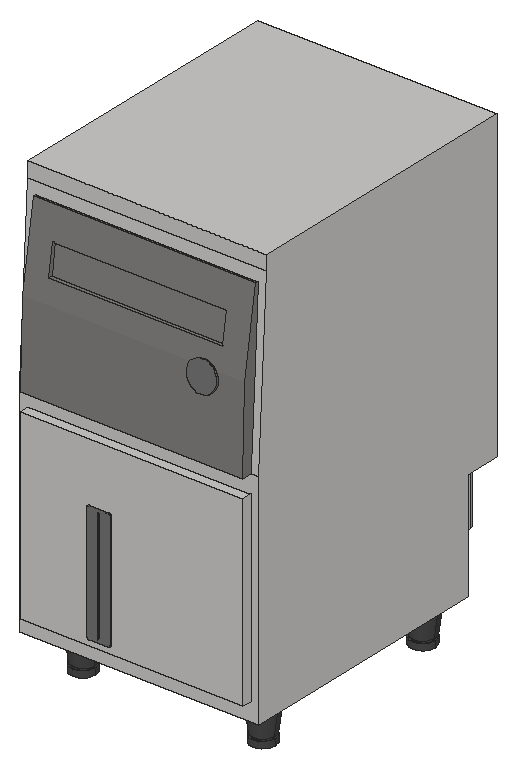
Revit family "QF_MACOM_HOSIM30CA-2M", category Equipamento especial, Revit 2020
Family settings
  Cota do conector redondo = Utilizar diâmetro
  Tipo de parte = Normal
  Número OmniClass = 23.40.40.14.27
  Título OmniClass = Ice Machines
  Com base no plano de trabalho = Não
  Sempre na vertical = Sim
  Corte com vazios quando carregada = Não
  Compartilhado = Não
  Ponto de cálculo do ambiente = Não
Parameters (values of type "HOSIM30CA-2M")
  Weight [instance] = 39.00 kg
  Watts [instance] = 250 W
  Water Temperature = "10°C to 21°C"
  Water Consumption = "60L to 160L"
  Waste Water Discharge Temperature = -273.15 °C
  Volume = 0.155 m³
  Volts [instance] = 220 V
  URL Recommended Spares List [instance] = ""
  URL Manufaturer [instance] = ""
  URL Cutsheet [instance] = ""
  URL Critical Spares List [instance] = ""
  URL = "https://www.acosmacom.com.br/produtos/maquina-de-gelo-im-30ca-fb/"
  Storage = 12.00 kg
  Specification by User [instance] = ""
  Specification by Manufacturer [instance] = ""
  Serial Number [instance] = ""
  Seismic Rating [instance] = ""
  SMACNA No [instance] = ""
  Room Temperature = "10°C to 32°C"
  Revision Code [instance] = ""
  Production per day = "22kg to 27kg"
  Production per Cycle = "18 cubes"
  Plumbing Remarks = ""
  Plumbing Connection Type = ""
  Number of Poles = 0
  NAFEM Spec ID [instance] = ""
  Modelo = "HOSIM30CA-2M"
  Min Ckt Ampacity = 0 A
  Max Overcurrent Protection = 0 A
  Item Number [instance] = ""
  Installed By [instance] = ""
  Indirect Waste Size = 22.00 mm
  Indirect Waste Flow = 0.0 L/s
  Indirect Waste Connection Type = ""
  Indirect Waste Connection Height = 151 mm
  HP = ""
  Furnished By [instance] = ""
  Fabricante = "MACOM"
  FL Amps = 0 A
  Elevação padrão = 0 mm
  Electrical Remarks = ""
  Electric Connection Type = ""
  Elec Conn RI Height = 0 mm
  Descrição = "MAQUINA DE GELO EM CUBO HOSHIZAKI, PRODUCAO ATE 28KG/DIA, COM DEPOSITO DE 12KG - 220V MONOF - IM30CA-398X510X785mm"
  Conn Conduit = yes
  Type Comments = ""
  Solid Fuel Type [instance] = ""
  Show Logo [instance] = yes
  Show Clearances [instance] = yes
  Refrigeration Suction Line Size [instance] = 0"
  Refrigeration Liquid Line Size [instance] = 0"
  Refrigeration Evaporation Temperature [instance] = -273.15 °C
  Refrigeration Energy Efficiency Index [instance] = ""
  Refrigeration Defrost Drain [instance] = yes
  Refrigeration Climate Class [instance] = ""
  Refrigerant Type [instance] = "R-134a"
  Refrigerant Mass [instance] = 0
  Refrigerant Flow [instance] = 0.0 L/s
  Refrigerant Compressor Remote [instance] = yes
  Potential Equalisation [instance] = yes
  Phase [instance] = 0
  Operational Current [instance] = 1.7 A
  Masterspec [instance] = ""
  Length Actual [instance] = 398 mm
  Ingress Protection Code [instance] = ""
  Identify Quantity as Lot [instance] = yes
  Height Actual [instance] = 766 mm
  Gas Connection Height [instance] = 0 mm
  Fuel Type [instance] = ""
  Foodservice Equipment Identifier [instance] = yes
  Elec Conn Connection Height [instance] = 151 mm
  Depth Actual [instance] = 510 mm
  Cycle [instance] = 60 Hz
  Conn Plug [instance] = ""
  Cold Water Temperature Recommended = -273.15 °C
  Cold Water Size = 1/2"
  Cold Water RI Height = 0 mm
  Cold Water Minimum Pressure = 0.0 Pa
  Cold Water Maximum Pressure = 0.0 Pa
  Cold Water Flow = 0.0 L/s
  Cold Water Consumption = ""
  Cold Water Connection Height = 0 mm
  CSI MasterFormat [instance] = ""
  CE Approved [instance] = yes
  BTUH [instance] = 1773 Btu/h
  Apparent Power = 0 VA
  Accessory [instance] = yes
Reference planes
  plane 1 "Centro (Frontal/Traseira)": y = 0
  plane 2: z = 0
  plane 3 "Centro (Esquerda/Direita)": x = 0
  plane 4: y = -510
  plane 5: y = -510
Forms (mm)
  Extrusion 1, solid, material "QF_Metal_Stainless Steel"
    sketch origin (0, 0, 0) x (0, 1, 0) y (0, 0, 1)
      loop
        line (0, 254) -> (0, 766) -> (-478, 766) -> (-478, 741) -> (-495, 441) -> (-495, 71) -> (-60, 71) -> (-60, 254) -> (0, 254)
    from 0 to 398
  Extrusion 2, solid, material "QF_Metal_Stainless Steel"
    sketch origin (0, -495, -199.562) x (0, 0, 1) y (-1, 0, 0)
      loop
        line (610.562, -14) -> (300.562, -14) -> (300.562, -384) -> (610.562, -384) -> (610.562, -14)
    from 0 to 15
  Extrusion 3, solid, material "QF_Plastic-Dark Gray"
    sketch origin (0, -510, -199.562) x (0, 0, 1) y (-1, 0, 0)
      loop
        arc (510.562, -129) -> (509.097, -125.464) -> (505.562, -124) r 5
        line (505.562, -124) -> (315.562, -124)
        arc (315.562, -124) -> (312.026, -125.464) -> (310.562, -129) r 5
        line (310.562, -129) -> (310.562, -159)
        arc (310.562, -159) -> (312.026, -162.536) -> (315.562, -164) r 5
        line (315.562, -164) -> (505.562, -164)
        arc (505.562, -164) -> (509.097, -162.536) -> (510.562, -159) r 5
        line (510.562, -159) -> (510.562, -129)
      loop
        arc (505.562, -143) -> (505.269, -142.293) -> (504.562, -142) r 1
        line (504.562, -142) -> (316.562, -142)
        arc (316.562, -142) -> (315.855, -142.293) -> (315.562, -143) r 1
        line (315.562, -143) -> (315.562, -145)
        arc (315.562, -145) -> (315.855, -145.707) -> (316.562, -146) r 1
        line (316.562, -146) -> (504.562, -146)
        arc (504.562, -146) -> (505.269, -145.707) -> (505.562, -145) r 1
        line (505.562, -145) -> (505.562, -143)
    from 0 to 1
  Extrusion 4, solid, material "QF_Metal_Stainless Steel Dark"
    sketch origin (398, 0, 0) x (0, 1, 0) y (0, 0, 1)
      loop
        line (-495, 441) -> (-479.133, 721) -> (-484.133, 721)
        arc (-484.133, 721) -> (-506.3, 581.853) -> (-510, 441) r 1070.577
        line (-510, 441) -> (-495, 441)
    from -14 to -384
  Extrusion 5, void
    sketch origin (384, 0, 0) x (0, -1, 0) y (0, 0, 1)
      loop
        line (489.201, 671) -> (496.228, 621) -> (501.955, 621)
        arc (501.955, 621) -> (498.407, 646.045) -> (494.269, 671) r 1070.577
        line (494.269, 671) -> (489.201, 671)
    from 40 to 330
  Extrusion 6, solid, material "QF_Finishes_Clearance Door", visible <- "Show Clearances", detail levels coarse
    sketch origin (384, 0, 0) x (0, 1, 0) y (0, 0, 1)
      loop
        line (-495, 441) -> (-479.133, 721)
        arc (-479.133, 721) -> (-626.137, 688.901) -> (-735.393, 585.442) r 280.45
        line (-735.393, 585.442) -> (-495, 441)
    from 0 to -370
  Extrusion 7, solid, material "QF_Finishes_Clearance Wall", detail levels coarse
    sketch origin (0, -788.136, 766) x (0, 1, 0) y (-1, 0, 0)
      loop
        line (293.136, -398) -> (293.136, -548) -> (938.136, -548) -> (938.136, 150) -> (293.136, 150) -> (293.136, 0) -> (788.136, 0) -> (788.136, -398) -> (293.136, -398)
    from 0 to -766
  Extrusion 8, solid, material "QF_Finishes_Clearance Wall", detail levels coarse
    sketch origin (0, -788.136, 766) x (0, 1, 0) y (-1, 0, 0)
      loop
        line (938.136, 150) -> (293.136, 150) -> (293.136, -548) -> (938.136, -548) -> (938.136, 150)
    from 0 to 150
  Extrusion 9, solid, material "QF_Metal_Stainless Steel"
    sketch origin (0, -60, 685.902) x (0, 0, -1) y (-1, 0, 0)
      loop
        circle (463.902, -35) r 9.525
      loop
        circle (507.902, -72) r 11
    from 0 to 6.35
  Extrusion 10, solid, material "QF_Metal_Stainless Steel"
    sketch origin (0, 142.732, 254) x (-1, 0, 0) y (0, 1, 0)
      loop
        circle (-372, -172.732) r 6.35
    from 0 to 100
Cuts and joins
  Extrusion 5 cuts Extrusion 4
  joined: Extrusion 7, Extrusion 8
Lines and regions (mm)
  model lines
    curve 1: line (32, -510, 111) -> (101, -510, 111)
    curve 2: line (101, -510, 117) -> (32, -510, 117)
    curve 3: arc (101, -510, 111) -> (104, -510, 114) -> (101, -510, 117) r 3
    curve 4: arc (32, -510, 117) -> (29, -510, 114) -> (32, -510, 111) r 3
    curve 5: line (32, -510, 119.8) -> (101, -510, 119.8)
    curve 6: line (101, -510, 125.8) -> (32, -510, 125.8)
    curve 7: arc (101, -510, 119.8) -> (104, -510, 122.8) -> (101, -510, 125.8) r 3
    curve 8: arc (32, -510, 125.8) -> (29, -510, 122.8) -> (32, -510, 119.8) r 3
    curve 9: line (32, -510, 128.6) -> (101, -510, 128.6)
    curve 10: line (101, -510, 134.6) -> (32, -510, 134.6)
    curve 11: arc (101, -510, 128.6) -> (104, -510, 131.6) -> (101, -510, 134.6) r 3
    curve 12: arc (32, -510, 134.6) -> (29, -510, 131.6) -> (32, -510, 128.6) r 3
    curve 13: line (32, -510, 137.4) -> (101, -510, 137.4)
    curve 14: line (101, -510, 143.4) -> (32, -510, 143.4)
    curve 15: arc (101, -510, 137.4) -> (104, -510, 140.4) -> (101, -510, 143.4) r 3
    curve 16: arc (32, -510, 143.4) -> (29, -510, 140.4) -> (32, -510, 137.4) r 3
    curve 17: line (32, -510, 146.2) -> (101, -510, 146.2)
    curve 18: line (101, -510, 152.2) -> (32, -510, 152.2)
    curve 19: arc (101, -510, 146.2) -> (104, -510, 149.2) -> (101, -510, 152.2) r 3
    curve 20: arc (32, -510, 152.2) -> (29, -510, 149.2) -> (32, -510, 146.2) r 3
    curve 21: line (32, -510, 155) -> (101, -510, 155)
    curve 22: line (101, -510, 161) -> (32, -510, 161)
    curve 23: arc (101, -510, 155) -> (104, -510, 158) -> (101, -510, 161) r 3
    curve 24: arc (32, -510, 161) -> (29, -510, 158) -> (32, -510, 155) r 3
    curve 25: line (32, -510, 163.8) -> (101, -510, 163.8)
    curve 26: line (101, -510, 169.8) -> (32, -510, 169.8)
    curve 27: arc (101, -510, 163.8) -> (104, -510, 166.8) -> (101, -510, 169.8) r 3
    curve 28: arc (32, -510, 169.8) -> (29, -510, 166.8) -> (32, -510, 163.8) r 3
    curve 29: line (32, -510, 172.6) -> (101, -510, 172.6)
    curve 30: line (101, -510, 178.6) -> (32, -510, 178.6)
    curve 31: arc (101, -510, 172.6) -> (104, -510, 175.6) -> (101, -510, 178.6) r 3
    curve 32: arc (32, -510, 178.6) -> (29, -510, 175.6) -> (32, -510, 172.6) r 3
    curve 33: line (32, -510, 181.4) -> (101, -510, 181.4)
    curve 34: line (101, -510, 187.4) -> (32, -510, 187.4)
    curve 35: arc (101, -510, 181.4) -> (104, -510, 184.4) -> (101, -510, 187.4) r 3
    curve 36: arc (32, -510, 187.4) -> (29, -510, 184.4) -> (32, -510, 181.4) r 3
    curve 37: line (32, -510, 190.2) -> (101, -510, 190.2)
    curve 38: line (101, -510, 196.2) -> (32, -510, 196.2)
    curve 39: arc (101, -510, 190.2) -> (104, -510, 193.2) -> (101, -510, 196.2) r 3
    curve 40: arc (32, -510, 196.2) -> (29, -510, 193.2) -> (32, -510, 190.2) r 3
    curve 41: line (32, -510, 199) -> (101, -510, 199)
    curve 42: line (101, -510, 205) -> (32, -510, 205)
    curve 43: arc (101, -510, 199) -> (104, -510, 202) -> (101, -510, 205) r 3
    curve 44: arc (32, -510, 205) -> (29, -510, 202) -> (32, -510, 199) r 3
    curve 45: line (32, -510, 207.8) -> (101, -510, 207.8)
    curve 46: line (101, -510, 213.8) -> (32, -510, 213.8)
    curve 47: arc (101, -510, 207.8) -> (104, -510, 210.8) -> (101, -510, 213.8) r 3
    curve 48: arc (32, -510, 213.8) -> (29, -510, 210.8) -> (32, -510, 207.8) r 3
    curve 49: line (32, -510, 216.6) -> (101, -510, 216.6)
    curve 50: line (101, -510, 222.6) -> (32, -510, 222.6)
    curve 51: arc (101, -510, 216.6) -> (104, -510, 219.6) -> (101, -510, 222.6) r 3
    curve 52: arc (32, -510, 222.6) -> (29, -510, 219.6) -> (32, -510, 216.6) r 3
    curve 53: line (32, -510, 225.4) -> (101, -510, 225.4)
    curve 54: line (101, -510, 231.4) -> (32, -510, 231.4)
    curve 55: arc (101, -510, 225.4) -> (104, -510, 228.4) -> (101, -510, 231.4) r 3
    curve 56: arc (32, -510, 231.4) -> (29, -510, 228.4) -> (32, -510, 225.4) r 3
    curve 57: line (32, -510, 234.2) -> (101, -510, 234.2)
    curve 58: line (101, -510, 240.2) -> (32, -510, 240.2)
    curve 59: arc (101, -510, 234.2) -> (104, -510, 237.2) -> (101, -510, 240.2) r 3
    curve 60: arc (32, -510, 240.2) -> (29, -510, 237.2) -> (32, -510, 234.2) r 3
    curve 61: line (32, -510, 243) -> (101, -510, 243)
    curve 62: line (101, -510, 249) -> (32, -510, 249)
    curve 63: arc (101, -510, 243) -> (104, -510, 246) -> (101, -510, 249) r 3
    curve 64: arc (32, -510, 249) -> (29, -510, 246) -> (32, -510, 243) r 3
    curve 65: line (32, -510, 251.8) -> (101, -510, 251.8)
    curve 66: line (101, -510, 257.8) -> (32, -510, 257.8)
    curve 67: arc (101, -510, 251.8) -> (104, -510, 254.8) -> (101, -510, 257.8) r 3
    curve 68: arc (32, -510, 257.8) -> (29, -510, 254.8) -> (32, -510, 251.8) r 3
    curve 69: line (32, -510, 260.6) -> (101, -510, 260.6)
    curve 70: line (101, -510, 266.6) -> (32, -510, 266.6)
    curve 71: arc (101, -510, 260.6) -> (104, -510, 263.6) -> (101, -510, 266.6) r 3
    curve 72: arc (32, -510, 266.6) -> (29, -510, 263.6) -> (32, -510, 260.6) r 3
    curve 73: line (32, -510, 269.4) -> (101, -510, 269.4)
    curve 74: line (101, -510, 275.4) -> (32, -510, 275.4)
    curve 75: arc (101, -510, 269.4) -> (104, -510, 272.4) -> (101, -510, 275.4) r 3
    curve 76: arc (32, -510, 275.4) -> (29, -510, 272.4) -> (32, -510, 269.4) r 3
    curve 77: line (32, -510, 278.2) -> (101, -510, 278.2)
    curve 78: line (101, -510, 284.2) -> (32, -510, 284.2)
    curve 79: arc (101, -510, 278.2) -> (104, -510, 281.2) -> (101, -510, 284.2) r 3
    curve 80: arc (32, -510, 284.2) -> (29, -510, 281.2) -> (32, -510, 278.2) r 3
    curve 81: line (32, -510, 287) -> (101, -510, 287)
    curve 82: line (101, -510, 293) -> (32, -510, 293)
    curve 83: arc (101, -510, 287) -> (104, -510, 290) -> (101, -510, 293) r 3
    curve 84: arc (32, -510, 293) -> (29, -510, 290) -> (32, -510, 287) r 3
    curve 85: line (32, -510, 295.8) -> (101, -510, 295.8)
    curve 86: line (101, -510, 301.8) -> (32, -510, 301.8)
    curve 87: arc (101, -510, 295.8) -> (104, -510, 298.8) -> (101, -510, 301.8) r 3
    curve 88: arc (32, -510, 301.8) -> (29, -510, 298.8) -> (32, -510, 295.8) r 3
    curve 89: line (32, -510, 304.6) -> (101, -510, 304.6)
    curve 90: line (101, -510, 310.6) -> (32, -510, 310.6)
    curve 91: arc (101, -510, 304.6) -> (104, -510, 307.6) -> (101, -510, 310.6) r 3
    curve 92: arc (32, -510, 310.6) -> (29, -510, 307.6) -> (32, -510, 304.6) r 3
    curve 93: line (212, -510, 111) -> (281, -510, 111)
    curve 94: line (281, -510, 117) -> (212, -510, 117)
    curve 95: arc (281, -510, 111) -> (284, -510, 114) -> (281, -510, 117) r 3
    curve 96: arc (212, -510, 117) -> (209, -510, 114) -> (212, -510, 111) r 3
    curve 97: line (212, -510, 119.8) -> (281, -510, 119.8)
    curve 98: line (281, -510, 125.8) -> (212, -510, 125.8)
    curve 99: arc (281, -510, 119.8) -> (284, -510, 122.8) -> (281, -510, 125.8) r 3
    curve 100: arc (212, -510, 125.8) -> (209, -510, 122.8) -> (212, -510, 119.8) r 3
    curve 101: line (212, -510, 128.6) -> (281, -510, 128.6)
    curve 102: line (281, -510, 134.6) -> (212, -510, 134.6)
    curve 103: arc (281, -510, 128.6) -> (284, -510, 131.6) -> (281, -510, 134.6) r 3
    curve 104: arc (212, -510, 134.6) -> (209, -510, 131.6) -> (212, -510, 128.6) r 3
    curve 105: line (212, -510, 137.4) -> (281, -510, 137.4)
    curve 106: line (281, -510, 143.4) -> (212, -510, 143.4)
    curve 107: arc (281, -510, 137.4) -> (284, -510, 140.4) -> (281, -510, 143.4) r 3
    curve 108: arc (212, -510, 143.4) -> (209, -510, 140.4) -> (212, -510, 137.4) r 3
    curve 109: line (212, -510, 146.2) -> (281, -510, 146.2)
    curve 110: line (281, -510, 152.2) -> (212, -510, 152.2)
    curve 111: arc (281, -510, 146.2) -> (284, -510, 149.2) -> (281, -510, 152.2) r 3
    curve 112: arc (212, -510, 152.2) -> (209, -510, 149.2) -> (212, -510, 146.2) r 3
    curve 113: line (212, -510, 155) -> (281, -510, 155)
    curve 114: line (281, -510, 161) -> (212, -510, 161)
    curve 115: arc (281, -510, 155) -> (284, -510, 158) -> (281, -510, 161) r 3
    curve 116: arc (212, -510, 161) -> (209, -510, 158) -> (212, -510, 155) r 3
    curve 117: line (212, -510, 163.8) -> (281, -510, 163.8)
    curve 118: line (281, -510, 169.8) -> (212, -510, 169.8)
    curve 119: arc (281, -510, 163.8) -> (284, -510, 166.8) -> (281, -510, 169.8) r 3
    curve 120: arc (212, -510, 169.8) -> (209, -510, 166.8) -> (212, -510, 163.8) r 3
    curve 121: line (212, -510, 172.6) -> (281, -510, 172.6)
    curve 122: line (281, -510, 178.6) -> (212, -510, 178.6)
    curve 123: arc (281, -510, 172.6) -> (284, -510, 175.6) -> (281, -510, 178.6) r 3
    curve 124: arc (212, -510, 178.6) -> (209, -510, 175.6) -> (212, -510, 172.6) r 3
    curve 125: line (212, -510, 181.4) -> (281, -510, 181.4)
    curve 126: line (281, -510, 187.4) -> (212, -510, 187.4)
    curve 127: arc (281, -510, 181.4) -> (284, -510, 184.4) -> (281, -510, 187.4) r 3
    curve 128: arc (212, -510, 187.4) -> (209, -510, 184.4) -> (212, -510, 181.4) r 3
    curve 129: line (212, -510, 190.2) -> (281, -510, 190.2)
    curve 130: line (281, -510, 196.2) -> (212, -510, 196.2)
    curve 131: arc (281, -510, 190.2) -> (284, -510, 193.2) -> (281, -510, 196.2) r 3
    curve 132: arc (212, -510, 196.2) -> (209, -510, 193.2) -> (212, -510, 190.2) r 3
    curve 133: line (212, -510, 199) -> (281, -510, 199)
    curve 134: line (281, -510, 205) -> (212, -510, 205)
    curve 135: arc (281, -510, 199) -> (284, -510, 202) -> (281, -510, 205) r 3
    curve 136: arc (212, -510, 205) -> (209, -510, 202) -> (212, -510, 199) r 3
    curve 137: line (212, -510, 207.8) -> (281, -510, 207.8)
    curve 138: line (281, -510, 213.8) -> (212, -510, 213.8)
    curve 139: arc (281, -510, 207.8) -> (284, -510, 210.8) -> (281, -510, 213.8) r 3
    curve 140: arc (212, -510, 213.8) -> (209, -510, 210.8) -> (212, -510, 207.8) r 3
    curve 141: line (212, -510, 216.6) -> (281, -510, 216.6)
    curve 142: line (281, -510, 222.6) -> (212, -510, 222.6)
    curve 143: arc (281, -510, 216.6) -> (284, -510, 219.6) -> (281, -510, 222.6) r 3
    curve 144: arc (212, -510, 222.6) -> (209, -510, 219.6) -> (212, -510, 216.6) r 3
    curve 145: line (212, -510, 225.4) -> (281, -510, 225.4)
    curve 146: line (281, -510, 231.4) -> (212, -510, 231.4)
    curve 147: arc (281, -510, 225.4) -> (284, -510, 228.4) -> (281, -510, 231.4) r 3
    curve 148: arc (212, -510, 231.4) -> (209, -510, 228.4) -> (212, -510, 225.4) r 3
    curve 149: line (212, -510, 234.2) -> (281, -510, 234.2)
    curve 150: line (281, -510, 240.2) -> (212, -510, 240.2)
    curve 151: arc (281, -510, 234.2) -> (284, -510, 237.2) -> (281, -510, 240.2) r 3
    curve 152: arc (212, -510, 240.2) -> (209, -510, 237.2) -> (212, -510, 234.2) r 3
    curve 153: line (212, -510, 243) -> (281, -510, 243)
    curve 154: line (281, -510, 249) -> (212, -510, 249)
    curve 155: arc (281, -510, 243) -> (284, -510, 246) -> (281, -510, 249) r 3
    curve 156: arc (212, -510, 249) -> (209, -510, 246) -> (212, -510, 243) r 3
    curve 157: line (212, -510, 251.8) -> (281, -510, 251.8)
    curve 158: line (281, -510, 257.8) -> (212, -510, 257.8)
    curve 159: arc (281, -510, 251.8) -> (284, -510, 254.8) -> (281, -510, 257.8) r 3
    curve 160: arc (212, -510, 257.8) -> (209, -510, 254.8) -> (212, -510, 251.8) r 3
    curve 161: line (212, -510, 260.6) -> (281, -510, 260.6)
    curve 162: line (281, -510, 266.6) -> (212, -510, 266.6)
    curve 163: arc (281, -510, 260.6) -> (284, -510, 263.6) -> (281, -510, 266.6) r 3
    curve 164: arc (212, -510, 266.6) -> (209, -510, 263.6) -> (212, -510, 260.6) r 3
    curve 165: line (212, -510, 269.4) -> (281, -510, 269.4)
    curve 166: line (281, -510, 275.4) -> (212, -510, 275.4)
    curve 167: arc (281, -510, 269.4) -> (284, -510, 272.4) -> (281, -510, 275.4) r 3
    curve 168: arc (212, -510, 275.4) -> (209, -510, 272.4) -> (212, -510, 269.4) r 3
    curve 169: line (212, -510, 278.2) -> (281, -510, 278.2)
    curve 170: line (281, -510, 284.2) -> (212, -510, 284.2)
    curve 171: arc (281, -510, 278.2) -> (284, -510, 281.2) -> (281, -510, 284.2) r 3
    curve 172: arc (212, -510, 284.2) -> (209, -510, 281.2) -> (212, -510, 278.2) r 3
    curve 173: line (212, -510, 287) -> (281, -510, 287)
    curve 174: line (281, -510, 293) -> (212, -510, 293)
    curve 175: arc (281, -510, 287) -> (284, -510, 290) -> (281, -510, 293) r 3
    curve 176: arc (212, -510, 293) -> (209, -510, 290) -> (212, -510, 287) r 3
    curve 177: line (212, -510, 295.8) -> (281, -510, 295.8)
    curve 178: line (281, -510, 301.8) -> (212, -510, 301.8)
    curve 179: arc (281, -510, 295.8) -> (284, -510, 298.8) -> (281, -510, 301.8) r 3
    curve 180: arc (212, -510, 301.8) -> (209, -510, 298.8) -> (212, -510, 295.8) r 3
    curve 181: line (212, -510, 304.6) -> (281, -510, 304.6)
    curve 182: line (281, -510, 310.6) -> (212, -510, 310.6)
    curve 183: arc (281, -510, 304.6) -> (284, -510, 307.6) -> (281, -510, 310.6) r 3
    curve 184: arc (212, -510, 310.6) -> (209, -510, 307.6) -> (212, -510, 304.6) r 3
    curve 189: line (297, -510, 111) -> (366, -510, 111)
    curve 190: line (366, -510, 117) -> (297, -510, 117)
    curve 191: arc (366, -510, 111) -> (369, -510, 114) -> (366, -510, 117) r 3
    curve 192: arc (297, -510, 117) -> (294, -510, 114) -> (297, -510, 111) r 3
    curve 193: line (297, -510, 119.8) -> (366, -510, 119.8)
    curve 194: line (366, -510, 125.8) -> (297, -510, 125.8)
    curve 195: arc (366, -510, 119.8) -> (369, -510, 122.8) -> (366, -510, 125.8) r 3
    curve 196: arc (297, -510, 125.8) -> (294, -510, 122.8) -> (297, -510, 119.8) r 3
    curve 197: line (297, -510, 128.6) -> (366, -510, 128.6)
    curve 198: line (366, -510, 134.6) -> (297, -510, 134.6)
    curve 199: arc (366, -510, 128.6) -> (369, -510, 131.6) -> (366, -510, 134.6) r 3
    curve 200: arc (297, -510, 134.6) -> (294, -510, 131.6) -> (297, -510, 128.6) r 3
    curve 201: line (297, -510, 137.4) -> (366, -510, 137.4)
    curve 202: line (366, -510, 143.4) -> (297, -510, 143.4)
    curve 203: arc (366, -510, 137.4) -> (369, -510, 140.4) -> (366, -510, 143.4) r 3
    curve 204: arc (297, -510, 143.4) -> (294, -510, 140.4) -> (297, -510, 137.4) r 3
    curve 205: line (297, -510, 146.2) -> (366, -510, 146.2)
    curve 206: line (366, -510, 152.2) -> (297, -510, 152.2)
    curve 207: arc (366, -510, 146.2) -> (369, -510, 149.2) -> (366, -510, 152.2) r 3
    curve 208: arc (297, -510, 152.2) -> (294, -510, 149.2) -> (297, -510, 146.2) r 3
    curve 209: line (297, -510, 155) -> (366, -510, 155)
    curve 210: line (366, -510, 161) -> (297, -510, 161)
    curve 211: arc (366, -510, 155) -> (369, -510, 158) -> (366, -510, 161) r 3
    curve 212: arc (297, -510, 161) -> (294, -510, 158) -> (297, -510, 155) r 3
    curve 213: line (297, -510, 163.8) -> (366, -510, 163.8)
    curve 214: line (366, -510, 169.8) -> (297, -510, 169.8)
    curve 215: arc (366, -510, 163.8) -> (369, -510, 166.8) -> (366, -510, 169.8) r 3
    curve 216: arc (297, -510, 169.8) -> (294, -510, 166.8) -> (297, -510, 163.8) r 3
    curve 217: line (297, -510, 172.6) -> (366, -510, 172.6)
    curve 218: line (366, -510, 178.6) -> (297, -510, 178.6)
    curve 219: arc (366, -510, 172.6) -> (369, -510, 175.6) -> (366, -510, 178.6) r 3
    curve 220: arc (297, -510, 178.6) -> (294, -510, 175.6) -> (297, -510, 172.6) r 3
    curve 221: line (297, -510, 181.4) -> (366, -510, 181.4)
    curve 222: line (366, -510, 187.4) -> (297, -510, 187.4)
    curve 223: arc (366, -510, 181.4) -> (369, -510, 184.4) -> (366, -510, 187.4) r 3
    curve 224: arc (297, -510, 187.4) -> (294, -510, 184.4) -> (297, -510, 181.4) r 3
    curve 225: line (297, -510, 190.2) -> (366, -510, 190.2)
    curve 226: line (366, -510, 196.2) -> (297, -510, 196.2)
    curve 227: arc (366, -510, 190.2) -> (369, -510, 193.2) -> (366, -510, 196.2) r 3
    curve 228: arc (297, -510, 196.2) -> (294, -510, 193.2) -> (297, -510, 190.2) r 3
    curve 229: line (297, -510, 199) -> (366, -510, 199)
    curve 230: line (366, -510, 205) -> (297, -510, 205)
    curve 231: arc (366, -510, 199) -> (369, -510, 202) -> (366, -510, 205) r 3
    curve 232: arc (297, -510, 205) -> (294, -510, 202) -> (297, -510, 199) r 3
    curve 233: line (297, -510, 207.8) -> (366, -510, 207.8)
    curve 234: line (366, -510, 213.8) -> (297, -510, 213.8)
    curve 235: arc (366, -510, 207.8) -> (369, -510, 210.8) -> (366, -510, 213.8) r 3
    curve 236: arc (297, -510, 213.8) -> (294, -510, 210.8) -> (297, -510, 207.8) r 3
    curve 237: line (297, -510, 216.6) -> (366, -510, 216.6)
    curve 238: line (366, -510, 222.6) -> (297, -510, 222.6)
    curve 239: arc (366, -510, 216.6) -> (369, -510, 219.6) -> (366, -510, 222.6) r 3
    curve 240: arc (297, -510, 222.6) -> (294, -510, 219.6) -> (297, -510, 216.6) r 3
    curve 241: line (297, -510, 225.4) -> (366, -510, 225.4)
    curve 242: line (366, -510, 231.4) -> (297, -510, 231.4)
    curve 243: arc (366, -510, 225.4) -> (369, -510, 228.4) -> (366, -510, 231.4) r 3
    curve 244: arc (297, -510, 231.4) -> (294, -510, 228.4) -> (297, -510, 225.4) r 3
    curve 245: line (297, -510, 234.2) -> (366, -510, 234.2)
    curve 246: line (366, -510, 240.2) -> (297, -510, 240.2)
    curve 247: arc (366, -510, 234.2) -> (369, -510, 237.2) -> (366, -510, 240.2) r 3
    curve 248: arc (297, -510, 240.2) -> (294, -510, 237.2) -> (297, -510, 234.2) r 3
    curve 249: line (297, -510, 243) -> (366, -510, 243)
    curve 250: line (366, -510, 249) -> (297, -510, 249)
    curve 251: arc (366, -510, 243) -> (369, -510, 246) -> (366, -510, 249) r 3
    curve 252: arc (297, -510, 249) -> (294, -510, 246) -> (297, -510, 243) r 3
    curve 253: line (297, -510, 251.8) -> (366, -510, 251.8)
    curve 254: line (366, -510, 257.8) -> (297, -510, 257.8)
    curve 255: arc (366, -510, 251.8) -> (369, -510, 254.8) -> (366, -510, 257.8) r 3
    curve 256: arc (297, -510, 257.8) -> (294, -510, 254.8) -> (297, -510, 251.8) r 3
    curve 257: line (297, -510, 260.6) -> (366, -510, 260.6)
    curve 258: line (366, -510, 266.6) -> (297, -510, 266.6)
    curve 259: arc (366, -510, 260.6) -> (369, -510, 263.6) -> (366, -510, 266.6) r 3
    curve 260: arc (297, -510, 266.6) -> (294, -510, 263.6) -> (297, -510, 260.6) r 3
    curve 261: line (297, -510, 269.4) -> (366, -510, 269.4)
    curve 262: line (366, -510, 275.4) -> (297, -510, 275.4)
    curve 263: arc (366, -510, 269.4) -> (369, -510, 272.4) -> (366, -510, 275.4) r 3
    curve 264: arc (297, -510, 275.4) -> (294, -510, 272.4) -> (297, -510, 269.4) r 3
    curve 265: line (297, -510, 278.2) -> (366, -510, 278.2)
    curve 266: line (366, -510, 284.2) -> (297, -510, 284.2)
    curve 267: arc (366, -510, 278.2) -> (369, -510, 281.2) -> (366, -510, 284.2) r 3
    curve 268: arc (297, -510, 284.2) -> (294, -510, 281.2) -> (297, -510, 278.2) r 3
    curve 269: line (297, -510, 287) -> (366, -510, 287)
    curve 270: line (366, -510, 293) -> (297, -510, 293)
    curve 271: arc (366, -510, 287) -> (369, -510, 290) -> (366, -510, 293) r 3
    curve 272: arc (297, -510, 293) -> (294, -510, 290) -> (297, -510, 287) r 3
    curve 273: line (297, -510, 295.8) -> (366, -510, 295.8)
    curve 274: line (366, -510, 301.8) -> (297, -510, 301.8)
    curve 275: arc (366, -510, 295.8) -> (369, -510, 298.8) -> (366, -510, 301.8) r 3
    curve 276: arc (297, -510, 301.8) -> (294, -510, 298.8) -> (297, -510, 295.8) r 3
    curve 277: line (297, -510, 304.6) -> (366, -510, 304.6)
    curve 278: line (366, -510, 310.6) -> (297, -510, 310.6)
    curve 279: arc (366, -510, 304.6) -> (369, -510, 307.6) -> (366, -510, 310.6) r 3
    curve 280: arc (297, -510, 310.6) -> (294, -510, 307.6) -> (297, -510, 304.6) r 3
    curve 281: line (398, -158, 111) -> (398, -227, 111)
    curve 282: line (398, -227, 117) -> (398, -158, 117)
    curve 283: arc (398, -158, 117) -> (398, -155, 114) -> (398, -158, 111) r 3
    curve 284: arc (398, -227, 111) -> (398, -230, 114) -> (398, -227, 117) r 3
    curve 285: line (398, -158, 119.8) -> (398, -227, 119.8)
    curve 286: line (398, -227, 125.8) -> (398, -158, 125.8)
    curve 287: arc (398, -158, 125.8) -> (398, -155, 122.8) -> (398, -158, 119.8) r 3
    curve 288: arc (398, -227, 119.8) -> (398, -230, 122.8) -> (398, -227, 125.8) r 3
    curve 289: line (398, -158, 128.6) -> (398, -227, 128.6)
    curve 290: line (398, -227, 134.6) -> (398, -158, 134.6)
    curve 291: arc (398, -158, 134.6) -> (398, -155, 131.6) -> (398, -158, 128.6) r 3
    curve 292: arc (398, -227, 128.6) -> (398, -230, 131.6) -> (398, -227, 134.6) r 3
    curve 293: line (398, -158, 137.4) -> (398, -227, 137.4)
    curve 294: line (398, -227, 143.4) -> (398, -158, 143.4)
    curve 295: arc (398, -158, 143.4) -> (398, -155, 140.4) -> (398, -158, 137.4) r 3
    curve 296: arc (398, -227, 137.4) -> (398, -230, 140.4) -> (398, -227, 143.4) r 3
    curve 297: line (398, -158, 146.2) -> (398, -227, 146.2)
    curve 298: line (398, -227, 152.2) -> (398, -158, 152.2)
    curve 299: arc (398, -158, 152.2) -> (398, -155, 149.2) -> (398, -158, 146.2) r 3
    curve 300: arc (398, -227, 146.2) -> (398, -230, 149.2) -> (398, -227, 152.2) r 3
    curve 301: line (398, -158, 155) -> (398, -227, 155)
    curve 302: line (398, -227, 161) -> (398, -158, 161)
    curve 303: arc (398, -158, 161) -> (398, -155, 158) -> (398, -158, 155) r 3
    curve 304: arc (398, -227, 155) -> (398, -230, 158) -> (398, -227, 161) r 3
    curve 305: line (398, -158, 163.8) -> (398, -227, 163.8)
    curve 306: line (398, -227, 169.8) -> (398, -158, 169.8)
    curve 307: arc (398, -158, 169.8) -> (398, -155, 166.8) -> (398, -158, 163.8) r 3
    curve 308: arc (398, -227, 163.8) -> (398, -230, 166.8) -> (398, -227, 169.8) r 3
    curve 309: line (398, -158, 172.6) -> (398, -227, 172.6)
    curve 310: line (398, -227, 178.6) -> (398, -158, 178.6)
    curve 311: arc (398, -158, 178.6) -> (398, -155, 175.6) -> (398, -158, 172.6) r 3
    curve 312: arc (398, -227, 172.6) -> (398, -230, 175.6) -> (398, -227, 178.6) r 3
    curve 313: line (398, -158, 181.4) -> (398, -227, 181.4)
    curve 314: line (398, -227, 187.4) -> (398, -158, 187.4)
    curve 315: arc (398, -158, 187.4) -> (398, -155, 184.4) -> (398, -158, 181.4) r 3
    curve 316: arc (398, -227, 181.4) -> (398, -230, 184.4) -> (398, -227, 187.4) r 3
    curve 317: line (398, -158, 190.2) -> (398, -227, 190.2)
    curve 318: line (398, -227, 196.2) -> (398, -158, 196.2)
    curve 319: arc (398, -158, 196.2) -> (398, -155, 193.2) -> (398, -158, 190.2) r 3
    curve 320: arc (398, -227, 190.2) -> (398, -230, 193.2) -> (398, -227, 196.2) r 3
    curve 321: line (398, -158, 199) -> (398, -227, 199)
    curve 322: line (398, -227, 205) -> (398, -158, 205)
    curve 323: arc (398, -158, 205) -> (398, -155, 202) -> (398, -158, 199) r 3
    curve 324: arc (398, -227, 199) -> (398, -230, 202) -> (398, -227, 205) r 3
    curve 325: line (398, -158, 207.8) -> (398, -227, 207.8)
    curve 326: line (398, -227, 213.8) -> (398, -158, 213.8)
    curve 327: arc (398, -158, 213.8) -> (398, -155, 210.8) -> (398, -158, 207.8) r 3
    curve 328: arc (398, -227, 207.8) -> (398, -230, 210.8) -> (398, -227, 213.8) r 3
    curve 329: line (398, -158, 216.6) -> (398, -227, 216.6)
    curve 330: line (398, -227, 222.6) -> (398, -158, 222.6)
    curve 331: arc (398, -158, 222.6) -> (398, -155, 219.6) -> (398, -158, 216.6) r 3
    curve 332: arc (398, -227, 216.6) -> (398, -230, 219.6) -> (398, -227, 222.6) r 3
    curve 333: line (398, -158, 225.4) -> (398, -227, 225.4)
    curve 334: line (398, -227, 231.4) -> (398, -158, 231.4)
    curve 335: arc (398, -158, 231.4) -> (398, -155, 228.4) -> (398, -158, 225.4) r 3
    curve 336: arc (398, -227, 225.4) -> (398, -230, 228.4) -> (398, -227, 231.4) r 3
    curve 337: line (398, -158, 234.2) -> (398, -227, 234.2)
    curve 338: line (398, -227, 240.2) -> (398, -158, 240.2)
    curve 339: arc (398, -158, 240.2) -> (398, -155, 237.2) -> (398, -158, 234.2) r 3
    curve 340: arc (398, -227, 234.2) -> (398, -230, 237.2) -> (398, -227, 240.2) r 3
    curve 341: line (398, -158, 243) -> (398, -227, 243)
    curve 342: line (398, -227, 249) -> (398, -158, 249)
    curve 343: arc (398, -158, 249) -> (398, -155, 246) -> (398, -158, 243) r 3
    curve 344: arc (398, -227, 243) -> (398, -230, 246) -> (398, -227, 249) r 3
    curve 345: line (398, -158, 251.8) -> (398, -227, 251.8)
    curve 346: line (398, -227, 257.8) -> (398, -158, 257.8)
    curve 347: arc (398, -158, 257.8) -> (398, -155, 254.8) -> (398, -158, 251.8) r 3
    curve 348: arc (398, -227, 251.8) -> (398, -230, 254.8) -> (398, -227, 257.8) r 3
    curve 353: line (398, -243, 111) -> (398, -312, 111)
    curve 354: line (398, -312, 117) -> (398, -243, 117)
    curve 355: arc (398, -243, 117) -> (398, -240, 114) -> (398, -243, 111) r 3
    curve 356: arc (398, -312, 111) -> (398, -315, 114) -> (398, -312, 117) r 3
    curve 357: line (398, -243, 119.8) -> (398, -312, 119.8)
    curve 358: line (398, -312, 125.8) -> (398, -243, 125.8)
    curve 359: arc (398, -243, 125.8) -> (398, -240, 122.8) -> (398, -243, 119.8) r 3
    curve 360: arc (398, -312, 119.8) -> (398, -315, 122.8) -> (398, -312, 125.8) r 3
    curve 361: line (398, -243, 128.6) -> (398, -312, 128.6)
    curve 362: line (398, -312, 134.6) -> (398, -243, 134.6)
    curve 363: arc (398, -243, 134.6) -> (398, -240, 131.6) -> (398, -243, 128.6) r 3
    curve 364: arc (398, -312, 128.6) -> (398, -315, 131.6) -> (398, -312, 134.6) r 3
    curve 365: line (398, -243, 137.4) -> (398, -312, 137.4)
    curve 366: line (398, -312, 143.4) -> (398, -243, 143.4)
    curve 367: arc (398, -243, 143.4) -> (398, -240, 140.4) -> (398, -243, 137.4) r 3
    curve 368: arc (398, -312, 137.4) -> (398, -315, 140.4) -> (398, -312, 143.4) r 3
    curve 369: line (398, -243, 146.2) -> (398, -312, 146.2)
    curve 370: line (398, -312, 152.2) -> (398, -243, 152.2)
    curve 371: arc (398, -243, 152.2) -> (398, -240, 149.2) -> (398, -243, 146.2) r 3
    curve 372: arc (398, -312, 146.2) -> (398, -315, 149.2) -> (398, -312, 152.2) r 3
    curve 373: line (398, -243, 155) -> (398, -312, 155)
    curve 374: line (398, -312, 161) -> (398, -243, 161)
    curve 375: arc (398, -243, 161) -> (398, -240, 158) -> (398, -243, 155) r 3
    curve 376: arc (398, -312, 155) -> (398, -315, 158) -> (398, -312, 161) r 3
    curve 377: line (398, -243, 163.8) -> (398, -312, 163.8)
    curve 378: line (398, -312, 169.8) -> (398, -243, 169.8)
    curve 379: arc (398, -243, 169.8) -> (398, -240, 166.8) -> (398, -243, 163.8) r 3
    curve 380: arc (398, -312, 163.8) -> (398, -315, 166.8) -> (398, -312, 169.8) r 3
    curve 381: line (398, -243, 172.6) -> (398, -312, 172.6)
    curve 382: line (398, -312, 178.6) -> (398, -243, 178.6)
    curve 383: arc (398, -243, 178.6) -> (398, -240, 175.6) -> (398, -243, 172.6) r 3
    curve 384: arc (398, -312, 172.6) -> (398, -315, 175.6) -> (398, -312, 178.6) r 3
    curve 385: line (398, -243, 181.4) -> (398, -312, 181.4)
    curve 386: line (398, -312, 187.4) -> (398, -243, 187.4)
    curve 387: arc (398, -243, 187.4) -> (398, -240, 184.4) -> (398, -243, 181.4) r 3
    curve 388: arc (398, -312, 181.4) -> (398, -315, 184.4) -> (398, -312, 187.4) r 3
    curve 389: line (398, -243, 190.2) -> (398, -312, 190.2)
    curve 390: line (398, -312, 196.2) -> (398, -243, 196.2)
    curve 391: arc (398, -243, 196.2) -> (398, -240, 193.2) -> (398, -243, 190.2) r 3
    curve 392: arc (398, -312, 190.2) -> (398, -315, 193.2) -> (398, -312, 196.2) r 3
    curve 393: line (398, -243, 199) -> (398, -312, 199)
    curve 394: line (398, -312, 205) -> (398, -243, 205)
    curve 395: arc (398, -243, 205) -> (398, -240, 202) -> (398, -243, 199) r 3
    curve 396: arc (398, -312, 199) -> (398, -315, 202) -> (398, -312, 205) r 3
    curve 397: line (398, -243, 207.8) -> (398, -312, 207.8)
    curve 398: line (398, -312, 213.8) -> (398, -243, 213.8)
    curve 399: arc (398, -243, 213.8) -> (398, -240, 210.8) -> (398, -243, 207.8) r 3
    curve 400: arc (398, -312, 207.8) -> (398, -315, 210.8) -> (398, -312, 213.8) r 3
    curve 401: line (398, -243, 216.6) -> (398, -312, 216.6)
    curve 402: line (398, -312, 222.6) -> (398, -243, 222.6)
    curve 403: arc (398, -243, 222.6) -> (398, -240, 219.6) -> (398, -243, 216.6) r 3
    curve 404: arc (398, -312, 216.6) -> (398, -315, 219.6) -> (398, -312, 222.6) r 3
    curve 405: line (398, -243, 225.4) -> (398, -312, 225.4)
    curve 406: line (398, -312, 231.4) -> (398, -243, 231.4)
    curve 407: arc (398, -243, 231.4) -> (398, -240, 228.4) -> (398, -243, 225.4) r 3
    curve 408: arc (398, -312, 225.4) -> (398, -315, 228.4) -> (398, -312, 231.4) r 3
    curve 409: line (398, -243, 234.2) -> (398, -312, 234.2)
    curve 410: line (398, -312, 240.2) -> (398, -243, 240.2)
    curve 411: arc (398, -243, 240.2) -> (398, -240, 237.2) -> (398, -243, 234.2) r 3
    curve 412: arc (398, -312, 234.2) -> (398, -315, 237.2) -> (398, -312, 240.2) r 3
    curve 413: line (398, -243, 243) -> (398, -312, 243)
    curve 414: line (398, -312, 249) -> (398, -243, 249)
    curve 415: arc (398, -243, 249) -> (398, -240, 246) -> (398, -243, 243) r 3
    curve 416: arc (398, -312, 243) -> (398, -315, 246) -> (398, -312, 249) r 3
    curve 417: line (398, -243, 251.8) -> (398, -312, 251.8)
    curve 418: line (398, -312, 257.8) -> (398, -243, 257.8)
    curve 419: arc (398, -243, 257.8) -> (398, -240, 254.8) -> (398, -243, 251.8) r 3
    curve 420: arc (398, -312, 251.8) -> (398, -315, 254.8) -> (398, -312, 257.8) r 3
    curve 421: line (398, -328, 111) -> (398, -397, 111)
    curve 422: line (398, -397, 117) -> (398, -328, 117)
    curve 423: arc (398, -328, 117) -> (398, -325, 114) -> (398, -328, 111) r 3
    curve 424: arc (398, -397, 111) -> (398, -400, 114) -> (398, -397, 117) r 3
    curve 425: line (398, -328, 119.8) -> (398, -397, 119.8)
    curve 426: line (398, -397, 125.8) -> (398, -328, 125.8)
    curve 427: arc (398, -328, 125.8) -> (398, -325, 122.8) -> (398, -328, 119.8) r 3
    curve 428: arc (398, -397, 119.8) -> (398, -400, 122.8) -> (398, -397, 125.8) r 3
    curve 429: line (398, -328, 128.6) -> (398, -397, 128.6)
    curve 430: line (398, -397, 134.6) -> (398, -328, 134.6)
    curve 431: arc (398, -328, 134.6) -> (398, -325, 131.6) -> (398, -328, 128.6) r 3
    curve 432: arc (398, -397, 128.6) -> (398, -400, 131.6) -> (398, -397, 134.6) r 3
    curve 433: line (398, -328, 137.4) -> (398, -397, 137.4)
    curve 434: line (398, -397, 143.4) -> (398, -328, 143.4)
    curve 435: arc (398, -328, 143.4) -> (398, -325, 140.4) -> (398, -328, 137.4) r 3
    curve 436: arc (398, -397, 137.4) -> (398, -400, 140.4) -> (398, -397, 143.4) r 3
    curve 437: line (398, -328, 146.2) -> (398, -397, 146.2)
    curve 438: line (398, -397, 152.2) -> (398, -328, 152.2)
    curve 439: arc (398, -328, 152.2) -> (398, -325, 149.2) -> (398, -328, 146.2) r 3
    curve 440: arc (398, -397, 146.2) -> (398, -400, 149.2) -> (398, -397, 152.2) r 3
    curve 441: line (398, -328, 155) -> (398, -397, 155)
    curve 442: line (398, -397, 161) -> (398, -328, 161)
    curve 443: arc (398, -328, 161) -> (398, -325, 158) -> (398, -328, 155) r 3
    curve 444: arc (398, -397, 155) -> (398, -400, 158) -> (398, -397, 161) r 3
    curve 445: line (398, -328, 163.8) -> (398, -397, 163.8)
    curve 446: line (398, -397, 169.8) -> (398, -328, 169.8)
    curve 447: arc (398, -328, 169.8) -> (398, -325, 166.8) -> (398, -328, 163.8) r 3
    curve 448: arc (398, -397, 163.8) -> (398, -400, 166.8) -> (398, -397, 169.8) r 3
    curve 449: line (398, -328, 172.6) -> (398, -397, 172.6)
    curve 450: line (398, -397, 178.6) -> (398, -328, 178.6)
    curve 451: arc (398, -328, 178.6) -> (398, -325, 175.6) -> (398, -328, 172.6) r 3
    curve 452: arc (398, -397, 172.6) -> (398, -400, 175.6) -> (398, -397, 178.6) r 3
    curve 453: line (398, -328, 181.4) -> (398, -397, 181.4)
    curve 454: line (398, -397, 187.4) -> (398, -328, 187.4)
    curve 455: arc (398, -328, 187.4) -> (398, -325, 184.4) -> (398, -328, 181.4) r 3
    curve 456: arc (398, -397, 181.4) -> (398, -400, 184.4) -> (398, -397, 187.4) r 3
    curve 457: line (398, -328, 190.2) -> (398, -397, 190.2)
    curve 458: line (398, -397, 196.2) -> (398, -328, 196.2)
    curve 459: arc (398, -328, 196.2) -> (398, -325, 193.2) -> (398, -328, 190.2) r 3
    curve 460: arc (398, -397, 190.2) -> (398, -400, 193.2) -> (398, -397, 196.2) r 3
    curve 461: line (398, -328, 199) -> (398, -397, 199)
    curve 462: line (398, -397, 205) -> (398, -328, 205)
    curve 463: arc (398, -328, 205) -> (398, -325, 202) -> (398, -328, 199) r 3
    curve 464: arc (398, -397, 199) -> (398, -400, 202) -> (398, -397, 205) r 3
    curve 465: line (398, -328, 207.8) -> (398, -397, 207.8)
    curve 466: line (398, -397, 213.8) -> (398, -328, 213.8)
    curve 467: arc (398, -328, 213.8) -> (398, -325, 210.8) -> (398, -328, 207.8) r 3
    curve 468: arc (398, -397, 207.8) -> (398, -400, 210.8) -> (398, -397, 213.8) r 3
    curve 469: line (398, -328, 216.6) -> (398, -397, 216.6)
    curve 470: line (398, -397, 222.6) -> (398, -328, 222.6)
    curve 471: arc (398, -328, 222.6) -> (398, -325, 219.6) -> (398, -328, 216.6) r 3
    curve 472: arc (398, -397, 216.6) -> (398, -400, 219.6) -> (398, -397, 222.6) r 3
    curve 473: line (398, -328, 225.4) -> (398, -397, 225.4)
    curve 474: line (398, -397, 231.4) -> (398, -328, 231.4)
    curve 475: arc (398, -328, 231.4) -> (398, -325, 228.4) -> (398, -328, 225.4) r 3
    curve 476: arc (398, -397, 225.4) -> (398, -400, 228.4) -> (398, -397, 231.4) r 3
    curve 477: line (398, -328, 234.2) -> (398, -397, 234.2)
    curve 478: line (398, -397, 240.2) -> (398, -328, 240.2)
    curve 479: arc (398, -328, 240.2) -> (398, -325, 237.2) -> (398, -328, 234.2) r 3
    curve 480: arc (398, -397, 234.2) -> (398, -400, 237.2) -> (398, -397, 240.2) r 3
    curve 481: line (398, -328, 243) -> (398, -397, 243)
    curve 482: line (398, -397, 249) -> (398, -328, 249)
    curve 483: arc (398, -328, 249) -> (398, -325, 246) -> (398, -328, 243) r 3
    curve 484: arc (398, -397, 243) -> (398, -400, 246) -> (398, -397, 249) r 3
    curve 485: line (398, -328, 251.8) -> (398, -397, 251.8)
    curve 486: line (398, -397, 257.8) -> (398, -328, 257.8)
    curve 487: arc (398, -328, 257.8) -> (398, -325, 254.8) -> (398, -328, 251.8) r 3
    curve 488: arc (398, -397, 251.8) -> (398, -400, 254.8) -> (398, -397, 257.8) r 3
    curve 489: line (0, -158, 111) -> (0, -227, 111)
    curve 490: line (0, -227, 117) -> (0, -158, 117)
    curve 491: arc (0, -158, 117) -> (0, -155, 114) -> (0, -158, 111) r 3
    curve 492: arc (0, -227, 111) -> (0, -230, 114) -> (0, -227, 117) r 3
    curve 493: line (0, -158, 119.8) -> (0, -227, 119.8)
    curve 494: line (0, -227, 125.8) -> (0, -158, 125.8)
    curve 495: arc (0, -158, 125.8) -> (0, -155, 122.8) -> (0, -158, 119.8) r 3
    curve 496: arc (0, -227, 119.8) -> (0, -230, 122.8) -> (0, -227, 125.8) r 3
    curve 497: line (0, -158, 128.6) -> (0, -227, 128.6)
    curve 498: line (0, -227, 134.6) -> (0, -158, 134.6)
    curve 499: arc (0, -158, 134.6) -> (0, -155, 131.6) -> (0, -158, 128.6) r 3
    curve 500: arc (0, -227, 128.6) -> (0, -230, 131.6) -> (0, -227, 134.6) r 3
    curve 501: line (0, -158, 137.4) -> (0, -227, 137.4)
    curve 502: line (0, -227, 143.4) -> (0, -158, 143.4)
    curve 503: arc (0, -158, 143.4) -> (0, -155, 140.4) -> (0, -158, 137.4) r 3
    curve 504: arc (0, -227, 137.4) -> (0, -230, 140.4) -> (0, -227, 143.4) r 3
    curve 505: line (0, -158, 146.2) -> (0, -227, 146.2)
    curve 506: line (0, -227, 152.2) -> (0, -158, 152.2)
    curve 507: arc (0, -158, 152.2) -> (0, -155, 149.2) -> (0, -158, 146.2) r 3
    curve 508: arc (0, -227, 146.2) -> (0, -230, 149.2) -> (0, -227, 152.2) r 3
    curve 509: line (0, -158, 155) -> (0, -227, 155)
    curve 510: line (0, -227, 161) -> (0, -158, 161)
    curve 511: arc (0, -158, 161) -> (0, -155, 158) -> (0, -158, 155) r 3
    curve 512: arc (0, -227, 155) -> (0, -230, 158) -> (0, -227, 161) r 3
    curve 513: line (0, -158, 163.8) -> (0, -227, 163.8)
    curve 514: line (0, -227, 169.8) -> (0, -158, 169.8)
    curve 515: arc (0, -158, 169.8) -> (0, -155, 166.8) -> (0, -158, 163.8) r 3
    curve 516: arc (0, -227, 163.8) -> (0, -230, 166.8) -> (0, -227, 169.8) r 3
    curve 517: line (0, -158, 172.6) -> (0, -227, 172.6)
    curve 518: line (0, -227, 178.6) -> (0, -158, 178.6)
    curve 519: arc (0, -158, 178.6) -> (0, -155, 175.6) -> (0, -158, 172.6) r 3
    curve 520: arc (0, -227, 172.6) -> (0, -230, 175.6) -> (0, -227, 178.6) r 3
    curve 521: line (0, -158, 181.4) -> (0, -227, 181.4)
    curve 522: line (0, -227, 187.4) -> (0, -158, 187.4)
    curve 523: arc (0, -158, 187.4) -> (0, -155, 184.4) -> (0, -158, 181.4) r 3
    curve 524: arc (0, -227, 181.4) -> (0, -230, 184.4) -> (0, -227, 187.4) r 3
    curve 525: line (0, -158, 190.2) -> (0, -227, 190.2)
    curve 526: line (0, -227, 196.2) -> (0, -158, 196.2)
    curve 527: arc (0, -158, 196.2) -> (0, -155, 193.2) -> (0, -158, 190.2) r 3
    curve 528: arc (0, -227, 190.2) -> (0, -230, 193.2) -> (0, -227, 196.2) r 3
    curve 529: line (0, -158, 199) -> (0, -227, 199)
    curve 530: line (0, -227, 205) -> (0, -158, 205)
    curve 531: arc (0, -158, 205) -> (0, -155, 202) -> (0, -158, 199) r 3
    curve 532: arc (0, -227, 199) -> (0, -230, 202) -> (0, -227, 205) r 3
    curve 533: line (0, -158, 207.8) -> (0, -227, 207.8)
    curve 534: line (0, -227, 213.8) -> (0, -158, 213.8)
    curve 535: arc (0, -158, 213.8) -> (0, -155, 210.8) -> (0, -158, 207.8) r 3
    curve 536: arc (0, -227, 207.8) -> (0, -230, 210.8) -> (0, -227, 213.8) r 3
    curve 537: line (0, -158, 216.6) -> (0, -227, 216.6)
    curve 538: line (0, -227, 222.6) -> (0, -158, 222.6)
    curve 539: arc (0, -158, 222.6) -> (0, -155, 219.6) -> (0, -158, 216.6) r 3
    curve 540: arc (0, -227, 216.6) -> (0, -230, 219.6) -> (0, -227, 222.6) r 3
    curve 541: line (0, -158, 225.4) -> (0, -227, 225.4)
    curve 542: line (0, -227, 231.4) -> (0, -158, 231.4)
    curve 543: arc (0, -158, 231.4) -> (0, -155, 228.4) -> (0, -158, 225.4) r 3
    curve 544: arc (0, -227, 225.4) -> (0, -230, 228.4) -> (0, -227, 231.4) r 3
    curve 545: line (0, -158, 234.2) -> (0, -227, 234.2)
    curve 546: line (0, -227, 240.2) -> (0, -158, 240.2)
    curve 547: arc (0, -158, 240.2) -> (0, -155, 237.2) -> (0, -158, 234.2) r 3
    curve 548: arc (0, -227, 234.2) -> (0, -230, 237.2) -> (0, -227, 240.2) r 3
    curve 549: line (0, -158, 243) -> (0, -227, 243)
    curve 550: line (0, -227, 249) -> (0, -158, 249)
    curve 551: arc (0, -158, 249) -> (0, -155, 246) -> (0, -158, 243) r 3
    curve 552: arc (0, -227, 243) -> (0, -230, 246) -> (0, -227, 249) r 3
    curve 553: line (0, -158, 251.8) -> (0, -227, 251.8)
    curve 554: line (0, -227, 257.8) -> (0, -158, 257.8)
    curve 555: arc (0, -158, 257.8) -> (0, -155, 254.8) -> (0, -158, 251.8) r 3
    curve 556: arc (0, -227, 251.8) -> (0, -230, 254.8) -> (0, -227, 257.8) r 3
    curve 561: line (0, -243, 111) -> (0, -312, 111)
    curve 562: line (0, -312, 117) -> (0, -243, 117)
    curve 563: arc (0, -243, 117) -> (0, -240, 114) -> (0, -243, 111) r 3
    curve 564: arc (0, -312, 111) -> (0, -315, 114) -> (0, -312, 117) r 3
    curve 565: line (0, -243, 119.8) -> (0, -312, 119.8)
    curve 566: line (0, -312, 125.8) -> (0, -243, 125.8)
    curve 567: arc (0, -243, 125.8) -> (0, -240, 122.8) -> (0, -243, 119.8) r 3
    curve 568: arc (0, -312, 119.8) -> (0, -315, 122.8) -> (0, -312, 125.8) r 3
    curve 569: line (0, -243, 128.6) -> (0, -312, 128.6)
    curve 570: line (0, -312, 134.6) -> (0, -243, 134.6)
    curve 571: arc (0, -243, 134.6) -> (0, -240, 131.6) -> (0, -243, 128.6) r 3
    curve 572: arc (0, -312, 128.6) -> (0, -315, 131.6) -> (0, -312, 134.6) r 3
    curve 573: line (0, -243, 137.4) -> (0, -312, 137.4)
    curve 574: line (0, -312, 143.4) -> (0, -243, 143.4)
    curve 575: arc (0, -243, 143.4) -> (0, -240, 140.4) -> (0, -243, 137.4) r 3
    curve 576: arc (0, -312, 137.4) -> (0, -315, 140.4) -> (0, -312, 143.4) r 3
    curve 577: line (0, -243, 146.2) -> (0, -312, 146.2)
    curve 578: line (0, -312, 152.2) -> (0, -243, 152.2)
    curve 579: arc (0, -243, 152.2) -> (0, -240, 149.2) -> (0, -243, 146.2) r 3
    curve 580: arc (0, -312, 146.2) -> (0, -315, 149.2) -> (0, -312, 152.2) r 3
    curve 581: line (0, -243, 155) -> (0, -312, 155)
    curve 582: line (0, -312, 161) -> (0, -243, 161)
    curve 583: arc (0, -243, 161) -> (0, -240, 158) -> (0, -243, 155) r 3
    curve 584: arc (0, -312, 155) -> (0, -315, 158) -> (0, -312, 161) r 3
    curve 585: line (0, -243, 163.8) -> (0, -312, 163.8)
    curve 586: line (0, -312, 169.8) -> (0, -243, 169.8)
    curve 587: arc (0, -243, 169.8) -> (0, -240, 166.8) -> (0, -243, 163.8) r 3
    curve 588: arc (0, -312, 163.8) -> (0, -315, 166.8) -> (0, -312, 169.8) r 3
    curve 589: line (0, -243, 172.6) -> (0, -312, 172.6)
    curve 590: line (0, -312, 178.6) -> (0, -243, 178.6)
    curve 591: arc (0, -243, 178.6) -> (0, -240, 175.6) -> (0, -243, 172.6) r 3
    curve 592: arc (0, -312, 172.6) -> (0, -315, 175.6) -> (0, -312, 178.6) r 3
    curve 593: line (0, -243, 181.4) -> (0, -312, 181.4)
    curve 594: line (0, -312, 187.4) -> (0, -243, 187.4)
    curve 595: arc (0, -243, 187.4) -> (0, -240, 184.4) -> (0, -243, 181.4) r 3
    curve 596: arc (0, -312, 181.4) -> (0, -315, 184.4) -> (0, -312, 187.4) r 3
    curve 597: line (0, -243, 190.2) -> (0, -312, 190.2)
    curve 598: line (0, -312, 196.2) -> (0, -243, 196.2)
    curve 599: arc (0, -243, 196.2) -> (0, -240, 193.2) -> (0, -243, 190.2) r 3
    curve 600: arc (0, -312, 190.2) -> (0, -315, 193.2) -> (0, -312, 196.2) r 3
    curve 601: line (0, -243, 199) -> (0, -312, 199)
    curve 602: line (0, -312, 205) -> (0, -243, 205)
    curve 603: arc (0, -243, 205) -> (0, -240, 202) -> (0, -243, 199) r 3
    curve 604: arc (0, -312, 199) -> (0, -315, 202) -> (0, -312, 205) r 3
    curve 605: line (0, -243, 207.8) -> (0, -312, 207.8)
    curve 606: line (0, -312, 213.8) -> (0, -243, 213.8)
    curve 607: arc (0, -243, 213.8) -> (0, -240, 210.8) -> (0, -243, 207.8) r 3
    curve 608: arc (0, -312, 207.8) -> (0, -315, 210.8) -> (0, -312, 213.8) r 3
    curve 609: line (0, -243, 216.6) -> (0, -312, 216.6)
    curve 610: line (0, -312, 222.6) -> (0, -243, 222.6)
    curve 611: arc (0, -243, 222.6) -> (0, -240, 219.6) -> (0, -243, 216.6) r 3
    curve 612: arc (0, -312, 216.6) -> (0, -315, 219.6) -> (0, -312, 222.6) r 3
    curve 613: line (0, -243, 225.4) -> (0, -312, 225.4)
    curve 614: line (0, -312, 231.4) -> (0, -243, 231.4)
    curve 615: arc (0, -243, 231.4) -> (0, -240, 228.4) -> (0, -243, 225.4) r 3
    curve 616: arc (0, -312, 225.4) -> (0, -315, 228.4) -> (0, -312, 231.4) r 3
    curve 617: line (0, -243, 234.2) -> (0, -312, 234.2)
    curve 618: line (0, -312, 240.2) -> (0, -243, 240.2)
    curve 619: arc (0, -243, 240.2) -> (0, -240, 237.2) -> (0, -243, 234.2) r 3
    curve 620: arc (0, -312, 234.2) -> (0, -315, 237.2) -> (0, -312, 240.2) r 3
    curve 621: line (0, -243, 243) -> (0, -312, 243)
    curve 622: line (0, -312, 249) -> (0, -243, 249)
    curve 623: arc (0, -243, 249) -> (0, -240, 246) -> (0, -243, 243) r 3
    curve 624: arc (0, -312, 243) -> (0, -315, 246) -> (0, -312, 249) r 3
    curve 625: line (0, -243, 251.8) -> (0, -312, 251.8)
    curve 626: line (0, -312, 257.8) -> (0, -243, 257.8)
    curve 627: arc (0, -243, 257.8) -> (0, -240, 254.8) -> (0, -243, 251.8) r 3
    curve 628: arc (0, -312, 251.8) -> (0, -315, 254.8) -> (0, -312, 257.8) r 3
    curve 629: line (0, -328, 111) -> (0, -397, 111)
    curve 630: line (0, -397, 117) -> (0, -328, 117)
    curve 631: arc (0, -328, 117) -> (0, -325, 114) -> (0, -328, 111) r 3
    curve 632: arc (0, -397, 111) -> (0, -400, 114) -> (0, -397, 117) r 3
    curve 633: line (0, -328, 119.8) -> (0, -397, 119.8)
    curve 634: line (0, -397, 125.8) -> (0, -328, 125.8)
    curve 635: arc (0, -328, 125.8) -> (0, -325, 122.8) -> (0, -328, 119.8) r 3
    curve 636: arc (0, -397, 119.8) -> (0, -400, 122.8) -> (0, -397, 125.8) r 3
    curve 637: line (0, -328, 128.6) -> (0, -397, 128.6)
    curve 638: line (0, -397, 134.6) -> (0, -328, 134.6)
    curve 639: arc (0, -328, 134.6) -> (0, -325, 131.6) -> (0, -328, 128.6) r 3
    curve 640: arc (0, -397, 128.6) -> (0, -400, 131.6) -> (0, -397, 134.6) r 3
    curve 641: line (0, -328, 137.4) -> (0, -397, 137.4)
    curve 642: line (0, -397, 143.4) -> (0, -328, 143.4)
    curve 643: arc (0, -328, 143.4) -> (0, -325, 140.4) -> (0, -328, 137.4) r 3
    curve 644: arc (0, -397, 137.4) -> (0, -400, 140.4) -> (0, -397, 143.4) r 3
    curve 645: line (0, -328, 146.2) -> (0, -397, 146.2)
    curve 646: line (0, -397, 152.2) -> (0, -328, 152.2)
    curve 647: arc (0, -328, 152.2) -> (0, -325, 149.2) -> (0, -328, 146.2) r 3
    curve 648: arc (0, -397, 146.2) -> (0, -400, 149.2) -> (0, -397, 152.2) r 3
    curve 649: line (0, -328, 155) -> (0, -397, 155)
    curve 650: line (0, -397, 161) -> (0, -328, 161)
    curve 651: arc (0, -328, 161) -> (0, -325, 158) -> (0, -328, 155) r 3
    curve 652: arc (0, -397, 155) -> (0, -400, 158) -> (0, -397, 161) r 3
    curve 653: line (0, -328, 163.8) -> (0, -397, 163.8)
    curve 654: line (0, -397, 169.8) -> (0, -328, 169.8)
    curve 655: arc (0, -328, 169.8) -> (0, -325, 166.8) -> (0, -328, 163.8) r 3
    curve 656: arc (0, -397, 163.8) -> (0, -400, 166.8) -> (0, -397, 169.8) r 3
    curve 657: line (0, -328, 172.6) -> (0, -397, 172.6)
    curve 658: line (0, -397, 178.6) -> (0, -328, 178.6)
    curve 659: arc (0, -328, 178.6) -> (0, -325, 175.6) -> (0, -328, 172.6) r 3
    curve 660: arc (0, -397, 172.6) -> (0, -400, 175.6) -> (0, -397, 178.6) r 3
    curve 661: line (0, -328, 181.4) -> (0, -397, 181.4)
    curve 662: line (0, -397, 187.4) -> (0, -328, 187.4)
    curve 663: arc (0, -328, 187.4) -> (0, -325, 184.4) -> (0, -328, 181.4) r 3
    curve 664: arc (0, -397, 181.4) -> (0, -400, 184.4) -> (0, -397, 187.4) r 3
    curve 665: line (0, -328, 190.2) -> (0, -397, 190.2)
    curve 666: line (0, -397, 196.2) -> (0, -328, 196.2)
    curve 667: arc (0, -328, 196.2) -> (0, -325, 193.2) -> (0, -328, 190.2) r 3
    curve 668: arc (0, -397, 190.2) -> (0, -400, 193.2) -> (0, -397, 196.2) r 3
    curve 669: line (0, -328, 199) -> (0, -397, 199)
    curve 670: line (0, -397, 205) -> (0, -328, 205)
    curve 671: arc (0, -328, 205) -> (0, -325, 202) -> (0, -328, 199) r 3
    curve 672: arc (0, -397, 199) -> (0, -400, 202) -> (0, -397, 205) r 3
    curve 673: line (0, -328, 207.8) -> (0, -397, 207.8)
    curve 674: line (0, -397, 213.8) -> (0, -328, 213.8)
    curve 675: arc (0, -328, 213.8) -> (0, -325, 210.8) -> (0, -328, 207.8) r 3
    curve 676: arc (0, -397, 207.8) -> (0, -400, 210.8) -> (0, -397, 213.8) r 3
    curve 677: line (0, -328, 216.6) -> (0, -397, 216.6)
    curve 678: line (0, -397, 222.6) -> (0, -328, 222.6)
    curve 679: arc (0, -328, 222.6) -> (0, -325, 219.6) -> (0, -328, 216.6) r 3
